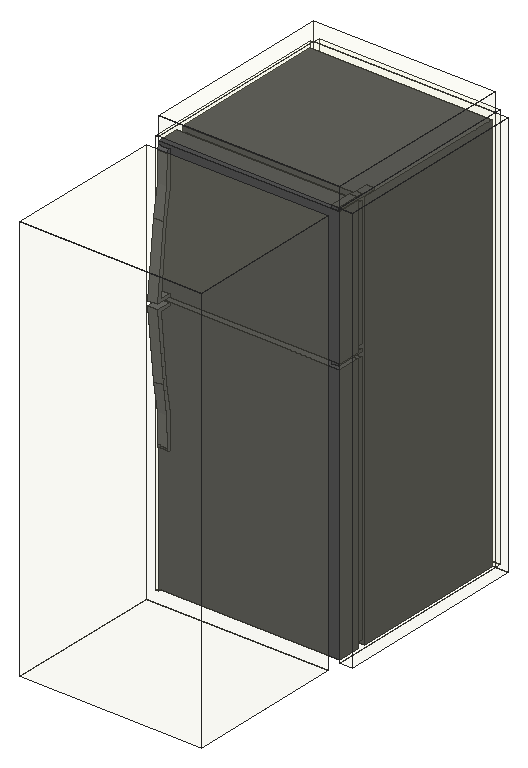
Revit family "WRT104TFDB_032c_Refrigeration_Top_Mount", category Specialty Equipment, Revit 2026
Family settings
  Round Connector Dimension = Use Diameter
  Part Type = Normal
  Work Plane-Based = No
  Enable Cutting in Views = No
  Always vertical = Yes
  Cut with Voids When Loaded = No
  Maintain Annotation Orientation = No
  Shared = No
  Room Calculation Point = No
Parameters (values of type "WRT104TFDB")
  Width = 28"
  Warranty Duration (Years) = "One year limited"
  Voltage = 120 V
  URL = "https://www.whirlpool.com/kitchen/refrigeration/refrigerators/top-freezer/p.28-inch-wide-top-freezer-refrigerator-14-cu.-ft.wrt104tfdw.html"
  Specification = ""
  SpecWizard = ""
  Show Clearance [instance] = yes
  Send Message = ""
  Sales Information = "https://www.whirlpool.com/kitchen/refrigeration/refrigerators/top-freezer/p.28-inch-wide-top-freezer-refrigerator-14-cu.-ft.wrt104tfdw.html"
  Product Data = "https://www.whirlpool.com/content/dam/global/documents/201411/owners-manual-eco-W10726498-RevA.pdf"
  Model = "WRT104TFDB"
  Manufacturer Website = ""
  Manufacturer Phone - Toll Free = ""
  Manufacturer Phone = ""
  Manufacturer Fax = ""
  Manufacturer Email = ""
  Manufacturer Address = ""
  Manufacturer = "Whirlpool"
  Maintenance Schedule (Months) = "NA"
  Leg Material = ARCAT - Plastic - Black
  Installation-Fabrication = "https://www.whirlpool.com/content/dam/global/documents/201411/installation-instructions-W10726500-RevA.pdf"
  Installation Phase = "NA"
  Height = 62 7/8"
  Handle Material = ARCAT - Metal - Steel - Grey
  HW size = 0"
  Family Name = "Top Mount Refrigerator"
  Expected Lifespan (Years) = "NA"
  Exhaust size = 0"
  Drawn By = ""
  Drain size = 0"
  Door Material = ARCAT - Metal - Steel - Black
  Description = "Whirlpool® 28-inch Wide Top Freezer Refrigerator - 14 cu. ft."
  Depth = 32 1/4"
  Default Elevation = 0"
  Copyright = ""
  Clearance Material = ARCAT - Clearance
  CW size = 0"
  Body Material = ARCAT - Metal - Steel - Black
  Apparent Load = 0 VA
  Amps = 15 A
  Accent Material = ARCAT - Metal - Steel - Stainless
Reference planes (in)
  plane 1 "Center (Front/Back)": y = 0
  plane 2: z = 0
  plane 3 "Center (Left/Right)": x = 0
  plane 4: z = 62.875
  plane 5: x = -14
  plane 6: x = 14
  plane 7: y = -1
  plane 8: y = -33.25
Forms (in)
  Extrusion 1, solid, material "ARCAT - Plastic - Black" <- "Leg Material"
    sketch origin (4.68238, -3.35142, 0.5) x (1, 0, 0) y (0, -1, 0)
      loop
        circle (-16.18238, 21.02358) r 0.75
    from 0 to 0.5
  Extrusion 2, solid, material "ARCAT - Plastic - Black" <- "Leg Material"
    sketch origin (-4.68238, -3.35142, 0.5) x (1, 0, 0) y (0, -1, 0)
      loop
        circle (16.18238, 21.02358) r 0.75
    from 0 to 0.5
  Extrusion 3, solid, material "ARCAT - Metal - Steel - Black" <- "Door Material"
    sketch origin (0, -4.625, 58.5) x (1, 0, 0) y (0, 1, 0)
      loop
        line (-14, -22.875) -> (-14, -26.375) -> (14, -26.375) -> (14, -22.875) -> (-14, -22.875)
    from -17.125 to 3.875
  Extrusion 4, solid, material "ARCAT - Metal - Steel - Black" <- "Door Material"
    sketch origin (0, -4.625, 35.5) x (1, 0, 0) y (0, 1, 0)
      loop
        line (-14, -22.875) -> (-14, -26.375) -> (14, -26.375) -> (14, -22.875) -> (-14, -22.875)
    from -35 to 5.125
  Extrusion 5, solid, material "ARCAT - Metal - Steel - Black" <- "Body Material"
    sketch origin (12.75, 3.875, 48) x (0, 1, 0) y (0, 0, 1)
      loop
        line (-34.875, 14.5) -> (-31.375, 14.5)
        arc (-31.375, 14.5) -> (-30.74688, 14.46867) -> (-30.125, 14.375) r 6.3125
        line (-30.125, 14.375) -> (-28.15485, 14.375) -> (-28.15485, 14.75) -> (-30.125, 14.75)
        arc (-30.125, 14.75) -> (-30.74688, 14.84367) -> (-31.375, 14.875) r 6.3125
        line (-31.375, 14.875) -> (-34.875, 14.875) -> (-34.875, 14.5)
    from 0 to 1
  Extrusion 6, solid, material "ARCAT - Metal - Steel - Black" <- "Body Material"
    sketch origin (0.5, -4.625, 62.375) x (1, 0, 0) y (0, 1, 0)
      loop
        circle (12.75, -25.4375) r 0.25
    from 0 to 0.125
  Extrusion 7, solid, material "ARCAT - Metal - Steel - Black" <- "Body Material"
    sketch origin (0.28125, -4.625, 41.1875) x (1, 0, 0) y (0, 1, 0)
      loop
        circle (12.75, -25.4375) r 0.25
    from 0 to 0.1875
  Extrusion 8, solid, material "ARCAT - Metal - Steel - Black" <- "Body Material"
    sketch origin (12.53125, 3.875, 26.3125) x (0, 1, 0) y (0, 0, 1)
      loop
        line (-34.55526, 14.5) -> (-30.125, 14.5) -> (-30.125, 14.875) -> (-34.55526, 14.875) -> (-34.55526, 14.5)
    from 0 to 1
  Extrusion 9, solid, material "ARCAT - Metal - Steel - Grey" <- "Handle Material"
    sketch origin (-13.8125, -1.625, 37.375) x (0, 0, 1) y (0, 1, 0)
      loop
        line (4, -29.375) -> (4, -31.625)
        arc (4, -31.625) -> (9.48685, -31.34976) -> (14.91654, -30.51328) r 53.5
        arc (14.91654, -30.51328) -> (19.42313, -29.86202) -> (23.97541, -29.76131) r 37.53027
        arc (23.97541, -29.76131) -> (24.30122, -29.65953) -> (24.48979, -29.375) r 0.5098
        line (24.48979, -29.375) -> (19.24883, -29.375)
        arc (19.24883, -29.375) -> (17.02242, -29.63398) -> (14.81514, -30.02367) r 38.03027
        arc (14.81514, -30.02367) -> (9.68454, -30.82645) -> (4.5, -31.12327) r 53
        line (4.5, -31.12327) -> (4.5, -29.375) -> (4, -29.375)
    from 0 to -1.5
  Extrusion 10, solid, material "ARCAT - Clearance" <- "Clearance Material", visible <- "Show Clearance", detail levels medium+fine
    sketch origin (0, 0, 0) x (1, 0, 0) y (0, 0, 1)
      loop
        line (14, 0) -> (14, 62.875) -> (-14, 62.875) -> (-14, 0) -> (14, 0)
    from 0 to 1
  Extrusion 11, solid, material "ARCAT - Clearance" <- "Clearance Material", visible <- "Show Clearance", detail levels medium+fine
    sketch origin (-14, 4.465, 48) x (0, 1, 0) y (0, 0, 1)
      loop
        line (-35.465, -48) -> (-5.465, -48) -> (-5.465, 14.875) -> (-35.465, 14.875) -> (-35.465, -48)
    from 0 to -0.5
  Extrusion 12, solid, material "ARCAT - Clearance" <- "Clearance Material", visible <- "Show Clearance", detail levels medium+fine
    sketch origin (14, 4.465, 48) x (0, 1, 0) y (0, 0, -1)
      loop
        line (-35.465, 48) -> (-35.465, -14.875) -> (-5.465, -14.875) -> (-5.465, 48) -> (-35.465, 48)
    from 0 to -2
  Extrusion 13, solid, material "ARCAT - Clearance" <- "Clearance Material", visible <- "Show Clearance", detail levels medium+fine
    sketch origin (33.41509, -180, 62.875) x (0, -1, 0) y (-1, 0, 0)
      loop
        line (-179, 47.41509) -> (-179, 19.41509) -> (-149, 19.41509) -> (-149, 47.41509) -> (-179, 47.41509)
    from 0 to -3
  Extrusion 14, solid, material "ARCAT - Clearance" <- "Clearance Material", visible <- "Show Clearance", detail levels medium+fine
    sketch origin (60, -56.75, 80) x (1, 0, 0) y (0, 0, 1)
      loop
        line (-46, -80) -> (-46, -17.125) -> (-74, -17.125) -> (-74, -80) -> (-46, -80)
    from 1 to -23.5
  Extrusion 15, solid, material "ARCAT - Metal - Steel - Black" <- "Door Material"
    sketch origin (0, -4.625, 58.5) x (1, 0, 0) y (0, 1, 0)
      loop
        line (13.5, -21.625) -> (-13.5, -21.625) -> (-13.5, -22.875) -> (13.5, -22.875) -> (13.5, -21.625)
    from -16.625 to 3.125
  Extrusion 16, solid, material "ARCAT - Metal - Steel - Black" <- "Door Material"
    sketch origin (0, -4.625, 35.5) x (1, 0, 0) y (0, 1, 0)
      loop
        line (13.5, -21.625) -> (-13.5, -21.625) -> (-13.5, -22.875) -> (13.5, -22.875) -> (13.5, -21.625)
    from -34.5 to 4.625
  Extrusion 17, solid, material "ARCAT - Metal - Steel - Black" <- "Body Material"
    sketch origin (0, -1.5625, 0) x (1, 0, 0) y (0, 1, 0)
      loop
        line (-14, -0.375) -> (-14, -24.6875) -> (14, -24.6875) -> (14, -0.375) -> (-14, -0.375)
    from 0.5 to 62.375
  Extrusion 18, solid, material "ARCAT - Plastic - Black" <- "Leg Material"
    sketch origin (4.68238, 16.33608, 0.5) x (1, 0, 0) y (0, -1, 0)
      loop
        circle (-16.18238, 21.14858) r 0.75
    from 0 to 0.5
  Extrusion 19, solid, material "ARCAT - Plastic - Black" <- "Leg Material"
    sketch origin (-4.68238, 16.33608, 0.5) x (1, 0, 0) y (0, -1, 0)
      loop
        circle (16.18238, 21.14858) r 0.75
    from 0 to 0.5
  Extrusion 20, solid, material "ARCAT - Metal - Steel - Black" <- "Body Material"
    sketch origin (-15.5, -2.0625, 0) x (1, 0, 0) y (0, 0, -1)
      loop
        line (28.5, -1.5) -> (2.5, -1.5) -> (2.5, -61.375) -> (28.5, -61.375) -> (28.5, -1.5)
      loop
        line (29.5, -0.5) -> (1.5, -0.5) -> (1.5, -62.375) -> (29.5, -62.375) -> (29.5, -0.5)
    from 0.125 to 0.25
  Revolve 21, solid, material "ARCAT - Metal - Steel - Stainless" <- "Accent Material"
    sketch origin (-6.53999, -7.3125, 80) x (-1, 0, 0) y (0, 0, 1)
      loop
        line (-6.53999, -73.32999) -> (-9.05948, -73.32999)
        arc (-9.05948, -73.32999) -> (-9.74752, -73.60432) -> (-10.05806, -74.2768) r 1
        arc (-10.05806, -74.2768) -> (-10.06858, -74.84011) -> (-10.04018, -75.4028) r 8.15531
        arc (-10.04018, -75.4028) -> (-10.07297, -75.37505) -> (-10.10249, -75.40625) r 0.03125
        line (-10.10249, -75.40625) -> (-10.10249, -76.21875)
        arc (-10.10249, -76.21875) -> (-10.0738, -76.2499) -> (-10.04041, -76.22385) r 0.03125
        arc (-10.04041, -76.22385) -> (-10.02367, -77.38241) -> (-9.71781, -78.5) r 4.59758
        line (-9.71781, -78.5) -> (-6.53999, -78.5) -> (-6.53999, -73.32999)
      axis (-6.53999, -78.5) -> (-6.53999, -73.32999)
    angle from 0 to 360
  Revolve 22, solid, material "ARCAT - Metal - Steel - Stainless" <- "Accent Material"
    sketch origin (-6.53999, -7.3125, 80) x (-1, 0, 0) y (0, 0, 1)
      loop
        line (-18.53999, -70.5) -> (-18.60249, -70.5) -> (-18.60249, -72) -> (-18.68582, -72)
        arc (-18.68582, -72) -> (-18.80367, -72.04882) -> (-18.85249, -72.16667) r 0.16667
        line (-18.85249, -72.16667) -> (-18.85249, -75.25)
        arc (-18.85249, -75.25) -> (-18.77927, -75.42678) -> (-18.60249, -75.5) r 0.25
        line (-18.60249, -75.5) -> (-18.53999, -75.5) -> (-18.53999, -70.5)
      axis (-18.53999, -70.5) -> (-18.53999, -75.5)
    angle from 0 to 360
  Sweep 23, solid, material "ARCAT - Metal - Steel - Stainless" <- "Accent Material"
    path origin (33.41509, -179.3125, 7.21875) x (0, -1, 0) y (1, 0, 0)
      loop
        arc (-176.5, -39.66509) -> (-176.28033, -40.19542) -> (-175.75, -40.41509) r 0.75
        line (-175.75, -40.41509) -> (-168.25, -40.41509)
        arc (-168.25, -40.41509) -> (-167.71967, -40.19542) -> (-167.5, -39.66509) r 0.75
        line (-167.5, -39.66509) -> (-167.5, -27.16509)
        arc (-167.5, -27.16509) -> (-167.71967, -26.63476) -> (-168.25, -26.41509) r 0.75
        line (-168.25, -26.41509) -> (-175.75, -26.41509)
        arc (-175.75, -26.41509) -> (-176.28033, -26.63476) -> (-176.5, -27.16509) r 0.75
        line (-176.5, -27.16509) -> (-176.5, -39.66509)
    profile origin (0, -2.8125, 7.21875) x (0, 1, 0) y (0, 0, 1)
      loop
        line (-0.05078, 0.09375) -> (-0.39844, 0.09375)
        arc (-0.39844, 0.09375) -> (-0.44263, 0.07544) -> (-0.46094, 0.03125) r 0.0625
        line (-0.46094, 0.03125) -> (-0.46094, -0.63281)
        arc (-0.46094, -0.63281) -> (-0.47924, -0.67701) -> (-0.52344, -0.69531) r 0.0625
        line (-0.52344, -0.69531) -> (-0.52344, -0.79687) -> (-0.42188, -0.79687)
        arc (-0.42188, -0.79687) -> (-0.37768, -0.77857) -> (-0.35937, -0.73437) r 0.0625
        line (-0.35937, -0.73437) -> (-0.35937, -0.07031)
        arc (-0.35937, -0.07031) -> (-0.34107, -0.02612) -> (-0.29687, -0.00781) r 0.0625
        line (-0.29687, -0.00781) -> (-0.05078, -0.00781)
        arc (-0.05078, -0.00781) -> (0, 0.04297) -> (-0.05078, 0.09375) r 0.05078
  Extrusion 24, solid, material "ARCAT - Metal - Steel - Stainless" <- "Accent Material"
    sketch origin (33.41509, -179.3125, 62.875) x (0, -1, 0) y (-1, 0, 0)
      loop
        arc (-175.75, 39.89165) -> (-175.9102, 39.82529) -> (-175.97656, 39.66509) r 0.22656
        line (-175.97656, 39.66509) -> (-175.97656, 27.16509)
        arc (-175.97656, 27.16509) -> (-175.9102, 27.00489) -> (-175.75, 26.93853) r 0.22656
        line (-175.75, 26.93853) -> (-168.25, 26.93853)
        arc (-168.25, 26.93853) -> (-168.0898, 27.00489) -> (-168.02344, 27.16509) r 0.22656
        line (-168.02344, 27.16509) -> (-168.02344, 39.66509)
        arc (-168.02344, 39.66509) -> (-168.0898, 39.82529) -> (-168.25, 39.89165) r 0.22656
        line (-168.25, 39.89165) -> (-175.75, 39.89165)
      loop
        circle (-172, 33.41509) r 3.17783
    from 56.45312 to 56.35156
  Sweep 25, solid, material "ARCAT - Metal - Steel - Stainless" <- "Accent Material"
    path origin (-6.53999, -7.3125, 80) x (-1, 0, 0) y (0, 0, 1)
      loop
        line (-17.03999, -70.5) -> (-17.03999, -77)
        arc (-17.03999, -77) -> (-16.37286, -77.84995) -> (-15.38876, -77.40385) r 0.875
        arc (-15.38876, -77.40385) -> (-15.11257, -77.10886) -> (-14.72342, -77) r 0.75
        line (-14.72342, -77) -> (-9.53999, -77)
    profile origin (10.5, -7.3125, 6.25) x (0, 1, 0) y (-1, 0, 0)
      loop
        circle (0, 0) r 0.125
  Extrusion 26, solid
    sketch origin (14, -1.3125, 9.5) x (0, 1, 0) y (1, 0, 0)
      loop
        circle (-6, -3.5) r 0.5
    from 0 to 0.19922
  Sweep 27, solid, material "ARCAT - Metal - Steel - Stainless" <- "Accent Material"
    path origin (-14.81742, -1.0625, 80) x (-1, 0, 0) y (0, 0, 1)
      loop
        line (-9.04256, -72.06499) -> (-9.04256, -74.31499)
        arc (-9.04256, -74.31499) -> (-8.70518, -75.06395) -> (-7.92069, -75.30754) r 1
        line (-7.92069, -75.30754) -> (-3.69555, -74.78875)
        arc (-3.69555, -74.78875) -> (-3.06846, -74.45883) -> (-2.81742, -73.79621) r 1
        line (-2.81742, -73.79621) -> (-2.81742, -23.5)
        arc (-2.81742, -23.5) -> (-3.11031, -22.79289) -> (-3.81742, -22.5) r 1
        line (-3.81742, -22.5) -> (-25.81742, -22.5)
        arc (-25.81742, -22.5) -> (-26.81742, -23.5) -> (-25.81742, -24.5) r 1
        line (-25.81742, -24.5) -> (-5.56742, -24.5)
        arc (-5.56742, -24.5) -> (-4.56742, -25.5) -> (-5.56742, -26.5) r 1
        line (-5.56742, -26.5) -> (-25.81742, -26.5)
        arc (-25.81742, -26.5) -> (-26.81742, -27.5) -> (-25.81742, -28.5) r 1
        line (-25.81742, -28.5) -> (-5.56742, -28.5)
        arc (-5.56742, -28.5) -> (-4.56742, -29.5) -> (-5.56742, -30.5) r 1
        line (-5.56742, -30.5) -> (-25.81742, -30.5)
        arc (-25.81742, -30.5) -> (-26.81742, -31.5) -> (-25.81742, -32.5) r 1
        line (-25.81742, -32.5) -> (-5.56742, -32.5)
        arc (-5.56742, -32.5) -> (-4.56742, -33.5) -> (-5.56742, -34.5) r 1
        line (-5.56742, -34.5) -> (-25.81742, -34.5)
        arc (-25.81742, -34.5) -> (-26.81742, -35.5) -> (-25.81742, -36.5) r 1
        line (-25.81742, -36.5) -> (-5.56742, -36.5)
        arc (-5.56742, -36.5) -> (-4.56742, -37.5) -> (-5.56742, -38.5) r 1
        line (-5.56742, -38.5) -> (-25.81742, -38.5)
        arc (-25.81742, -38.5) -> (-26.81742, -39.5) -> (-25.81742, -40.5) r 1
        line (-25.81742, -40.5) -> (-5.56742, -40.5)
        arc (-5.56742, -40.5) -> (-4.56742, -41.5) -> (-5.56742, -42.5) r 1
        line (-5.56742, -42.5) -> (-25.81742, -42.5)
        arc (-25.81742, -42.5) -> (-26.81742, -43.5) -> (-25.81742, -44.5) r 1
        line (-25.81742, -44.5) -> (-5.56742, -44.5)
        arc (-5.56742, -44.5) -> (-4.56742, -45.5) -> (-5.56742, -46.5) r 1
        line (-5.56742, -46.5) -> (-25.81742, -46.5)
        arc (-25.81742, -46.5) -> (-26.81742, -47.5) -> (-25.81742, -48.5) r 1
        line (-25.81742, -48.5) -> (-5.56742, -48.5)
        arc (-5.56742, -48.5) -> (-4.56742, -49.5) -> (-5.56742, -50.5) r 1
        line (-5.56742, -50.5) -> (-25.81742, -50.5)
        arc (-25.81742, -50.5) -> (-26.81742, -51.5) -> (-25.81742, -52.5) r 1
        line (-25.81742, -52.5) -> (-5.56742, -52.5)
        arc (-5.56742, -52.5) -> (-4.56742, -53.5) -> (-5.56742, -54.5) r 1
        line (-5.56742, -54.5) -> (-25.81742, -54.5)
        arc (-25.81742, -54.5) -> (-26.81742, -55.5) -> (-25.81742, -56.5) r 1
        line (-25.81742, -56.5) -> (-5.56742, -56.5)
        arc (-5.56742, -56.5) -> (-4.56742, -57.5) -> (-5.56742, -58.5) r 1
        line (-5.56742, -58.5) -> (-25.81742, -58.5)
        arc (-25.81742, -58.5) -> (-26.81742, -59.5) -> (-25.81742, -60.5) r 1
        line (-25.81742, -60.5) -> (-5.56742, -60.5)
        arc (-5.56742, -60.5) -> (-4.56742, -61.5) -> (-5.56742, -62.5) r 1
        line (-5.56742, -62.5) -> (-25.81742, -62.5)
        arc (-25.81742, -62.5) -> (-26.81742, -63.5) -> (-25.81742, -64.5) r 1
        line (-25.81742, -64.5) -> (-5.56742, -64.5)
        arc (-5.56742, -64.5) -> (-4.56742, -65.5) -> (-5.56742, -66.5) r 1
        line (-5.56742, -66.5) -> (-25.81742, -66.5)
        arc (-25.81742, -66.5) -> (-26.81742, -67.5) -> (-25.81742, -68.5) r 1
        line (-25.81742, -68.5) -> (-5.56742, -68.5)
        arc (-5.56742, -68.5) -> (-4.86031, -68.79289) -> (-4.56742, -69.5) r 1
        line (-4.56742, -69.5) -> (-4.56742, -72.26594)
        arc (-4.56742, -72.26594) -> (-5.56742, -73.26594) -> (-6.56742, -72.26594) r 1
        line (-6.56742, -72.26594) -> (-6.56742, -71.01594)
    profile origin (0.875, -1.0625, 11.5) x (0, 0, 1) y (0, 1, 0)
      loop
        circle (0, 0) r 0.0625
  Revolve 28, solid, material "ARCAT - Metal - Steel - Stainless" <- "Accent Material"
    sketch origin (-6.53999, -7.3125, 80) x (-1, 0, 0) y (0, 0, 1)
      loop
        line (-0.78999, -70.5) -> (-0.97749, -70.5) -> (-0.97749, -71.80834) -> (-1.00986, -71.80834)
        arc (-1.00986, -71.80834) -> (-1.05406, -71.82664) -> (-1.07236, -71.87084) r 0.0625
        line (-1.07236, -71.87084) -> (-1.07236, -73.5) -> (-0.78999, -73.5) -> (-0.78999, -70.5)
      axis (-0.78999, -70.5) -> (-0.78999, -73.5)
    angle from 0 to 360
  Sweep 29, solid, material "ARCAT - Metal - Steel - Stainless" <- "Accent Material"
    path origin (-5.77486, 5.1525, 48) x (0, 1, 0) y (0, 0, 1)
      loop
        line (-6.215, -40.06499) -> (-6.215, -39.82851)
        arc (-6.215, -39.82851) -> (-6.25162, -39.74012) -> (-6.34, -39.70351) r 0.125
        line (-6.34, -39.70351) -> (-12.28659, -39.70351)
    profile origin (-5.77486, -1.0625, 8.05325) x (0, -1, 0) y (1, 0, 0)
      loop
        circle (0, 0) r 0.07143
  Extrusion 30, void
    sketch origin (-14.875, -1.3125, 0) x (1, 0, 0) y (0, 0, -1)
      loop
        line (27.875, -9.5) -> (27.875, -1.5) -> (1.875, -1.5) -> (1.875, -9.5) -> (27.875, -9.5)
    from -0.5 to -12.125
  Extrusion 31, solid, material "ARCAT - Metal - Steel - Grey" <- "Handle Material"
    sketch origin (-13.8125, -1.625, 44.625) x (0, 0, -1) y (0, -1, 0)
      loop
        line (4, 29.375) -> (4.5, 29.375) -> (4.5, 31.12327)
        arc (4.5, 31.12327) -> (9.68454, 30.82645) -> (14.81514, 30.02367) r 53
        arc (14.81514, 30.02367) -> (17.02242, 29.63398) -> (19.24883, 29.375) r 38.03027
        line (19.24883, 29.375) -> (24.48979, 29.375)
        arc (24.48979, 29.375) -> (24.30122, 29.65953) -> (23.97541, 29.76131) r 0.5098
        arc (23.97541, 29.76131) -> (19.42313, 29.86202) -> (14.91654, 30.51328) r 37.53027
        arc (14.91654, 30.51328) -> (9.48685, 31.34976) -> (4, 31.625) r 53.5
        line (4, 31.625) -> (4, 29.375)
    from 0 to -1.5
  Extrusion 32, solid, material "ARCAT - Metal - Steel - Black" <- "Body Material"
    sketch origin (0.28125, -4.625, 40.625) x (1, 0, 0) y (0, 1, 0)
      loop
        circle (12.75, -25.4375) r 0.25
    from 0 to 0.1875
  Extrusion 33, solid, material "ARCAT - Metal - Steel - Black" <- "Body Material"
    sketch origin (-15.5, -1.8125, 0) x (1, 0, 0) y (0, 0, -1)
      loop
        circle (15.5, -1) r 0.5
    from 0 to 0.03125
Cuts and joins
  Extrusion 30 cuts Extrusion 17
  joined: Extrusion 17, Extrusion 20
  joined: Sweep 27, Sweep 29
Lines and regions (in)
  symbolic lines, style "SpecialityEquipment"
    curve 1: line (-14, -1, 62.875) -> (14, -1, 62.875)
    curve 2: line (-14, -31, 62.875) -> (-14, -1, 62.875)
    curve 3: line (14, -31, 62.875) -> (-14, -31, 62.875)
    curve 4: line (14, -1, 62.875) -> (14, -31, 62.875)
    curve 5: line (-12.3125, -33.25, 62.875) -> (-13.8125, -33.25, 62.875)
    curve 6: line (-12.3125, -31, 62.875) -> (-12.3125, -33.25, 62.875)
    curve 7: line (-13.8125, -33.25, 62.875) -> (-13.8125, -31, 62.875)
  model lines
    curve 8: circle (-7.54297, -1.9375, 56.9402) r 0.5 normal (0, 1, 0)
    curve 9: circle (-7.16797, -1.9375, 12.9402) r 0.5 normal (0, 1, 0)
Dimensions and locks (in)
  "Height": plane 4 to plane 2
  equal spacing: plane 5, plane 3 "Center (Left/Right)", plane 6
  "Width": plane 5 to plane 6
  "Depth": plane 8 to plane 7
  aligned and locked: plane 2 to level
Automatic sketch dimensions
  plane 5 to Extrusion 1 sketch curve = 2 1/2"
  plane 6 to Extrusion 2 sketch curve = 2 1/2"
  Extrusion 3 sketch curve to plane 5 = 0"
  Extrusion 3 sketch curve to plane 6 = 0"
  Extrusion 4 sketch curve to plane 5 = 0"
  Extrusion 4 sketch curve to plane 6 = 0"
  plane 4 to Extrusion 5 sketch curve = 0"
  Extrusion 5 sketch curve to Extrusion 5 sketch curve = 1.97015"
  Extrusion 5 sketch curve to Extrusion 5 sketch curve = 1/8"
  plane 4 to Extrusion 5 sketch curve = 3/8"
  Extrusion 5 sketch curve to Extrusion 5 sketch curve = 3/8"
  plane 6 to Extrusion 6 sketch curve = 3/4"
  plane 6 to Extrusion 7 sketch curve = 31/32"
  plane 4 to Extrusion 8 sketch curve = 22 1/16"
  Extrusion 8 sketch curve to Extrusion 8 sketch curve = 3/8"
  Extrusion 9 sketch curve to Extrusion 9 sketch curve = 0"  (x5)
  Extrusion 9 sketch curve to plane 8 = 0"
  plane 4 to Extrusion 9 sketch curve = 21 1/2"
  plane 4 to Extrusion 9 sketch curve = 21.43346"
  Extrusion 9 sketch curve to Extrusion 9 sketch curve = 1/2"
  plane 4 to Extrusion 9 sketch curve = 6.25117"
  plane 4 to Extrusion 9 sketch curve = 2.97218"
  plane 4 to Extrusion 9 sketch curve = 1.50492"
  Extrusion 9 sketch curve to Extrusion 9 sketch curve = 0.49471"
  plane 8 to Extrusion 9 sketch curve = 35.63865"
  Extrusion 9 sketch curve to plane 8 = 0.50173"
  Extrusion 9 sketch curve to plane 1 "Center (Front/Back)" = 20.24996"
  Extrusion 10 sketch curve to level = 0"
  Extrusion 10 sketch curve to plane 5 = 0"
  plane 6 to Extrusion 10 sketch curve = 0"
  Extrusion 10 sketch curve to plane 4 = 0"
  plane 4 to Extrusion 11 sketch curve = 0"
  Extrusion 11 sketch curve to plane 8 = 2 1/4"
  Extrusion 11 sketch curve to plane 7 = 0"
  Extrusion 11 sketch curve to level = 0"
  plane 4 to Extrusion 12 sketch curve = 0"
  Extrusion 12 sketch curve to plane 8 = 2 1/4"
  Extrusion 12 sketch curve to plane 7 = 0"
  Extrusion 12 sketch curve to level = 0"
  Extrusion 13 sketch curve to plane 5 = 0"
  plane 7 to Extrusion 13 sketch curve = 0"
  Extrusion 13 sketch curve to plane 8 = 2 1/4"
  Extrusion 13 sketch curve to plane 6 = 0"
  Extrusion 14 sketch curve to plane 4 = 0"
  Extrusion 14 sketch curve to plane 5 = 0"
  plane 6 to Extrusion 14 sketch curve = 0"
  Extrusion 14 sketch curve to level = 0"
  plane 5 to Extrusion 15 sketch curve = 1/2"
  plane 6 to Extrusion 15 sketch curve = 1/2"
  plane 5 to Extrusion 16 sketch curve = 1/2"
  plane 6 to Extrusion 16 sketch curve = 1/2"
  Extrusion 17 sketch curve to plane 5 = 0"
  Extrusion 17 sketch curve to plane 6 = 0"
  plane 7 to Extrusion 17 sketch curve = 15/16"
  plane 5 to Extrusion 18 sketch curve = 2 1/2"
  plane 7 to Extrusion 18 sketch curve = 3 13/16"
  plane 6 to Extrusion 19 sketch curve = 2 1/2"
  plane 7 to Extrusion 19 sketch curve = 3 13/16"
  Extrusion 20 sketch curve to plane 5 = 0"
  plane 6 to Extrusion 20 sketch curve = 0"
  plane 5 to Extrusion 20 sketch curve = 1"
  plane 6 to Extrusion 20 sketch curve = 1"
  plane 4 to Extrusion 20 sketch curve = 1/2"
  Extrusion 20 sketch curve to Extrusion 20 sketch curve = 1"
  level to Extrusion 20 sketch curve = 1 1/2"
  level to Extrusion 20 sketch curve = 1/2"
  Revolve 21 sketch curve to plane 3 "Center (Left/Right)" = 0"  (x2)
  plane 3 "Center (Left/Right)" to Revolve 21 sketch curve = 2.51949"
  level to Revolve 21 sketch curve = 1 1/2"
  Revolve 21 sketch curve to Revolve 21 sketch curve = 3.17783"
  Revolve 21 sketch curve to Revolve 21 sketch curve = 1.01176"
  Revolve 21 sketch curve to Revolve 21 sketch curve = 0"  (x2)
  Revolve 21 sketch curve to Revolve 21 sketch curve = 1/32"
  Revolve 21 sketch curve to plane 3 "Center (Left/Right)" = 1.0684"
  Revolve 21 sketch curve to Revolve 21 sketch curve = 3.55729"
  Revolve 21 sketch curve to Revolve 21 sketch curve = 1.76274"
  Revolve 21 sketch curve to Revolve 21 sketch curve = 2 9/32"
  Revolve 21 sketch curve to Revolve 21 sketch curve = 13/16"
  Revolve 21 sketch curve to Revolve 21 sketch curve = 2.02666"
  Revolve 21 sketch curve to Revolve 21 sketch curve = 1.07626"
  Revolve 21 sketch curve to Revolve 21 sketch curve = 1"
  Revolve 21 sketch curve to Revolve 21 sketch curve = 0.03106"
  Revolve 21 sketch curve to Revolve 21 sketch curve = 0.07999"
  plane 6 to Revolve 22 sketch curve = 1 11/16"
  Revolve 22 sketch curve to Revolve 22 sketch curve = 0.16667"
  Revolve 22 sketch curve to Revolve 22 sketch curve = 0.08333"
  Revolve 22 sketch curve to Revolve 22 sketch curve = 1/4"
  Revolve 22 sketch curve to Revolve 22 sketch curve = 1/16"
  level to Revolve 22 sketch curve = 4 1/2"
  Revolve 22 sketch curve to Revolve 22 sketch curve = 3.08333"
  Revolve 22 sketch curve to Revolve 22 sketch curve = 1 1/2"
  Revolve 22 sketch curve to Revolve 22 sketch curve = 0"  (x3)
  plane 7 to Sweep 23 sketch curve = 1 13/16"
  Sweep 23 sketch curve to Sweep 23 sketch curve = 3/4"  (x3)
  Sweep 23 sketch curve to Sweep 23 sketch curve = 7 1/2"  (x2)
  Sweep 23 sketch curve to plane 3 "Center (Left/Right)" = 7"
  plane 3 "Center (Left/Right)" to Sweep 23 sketch curve = 6 1/4"
  profile plane to Sweep 23 sketch curve = 67/128"
  Sweep 23 sketch curve to Sweep 23 sketch curve = 1/16"  (x3)
  Sweep 23 sketch curve to Sweep 23 sketch curve = 13/128"  (x2)
  Sweep 23 sketch curve to profile plane = 9/128"
  Sweep 23 sketch curve to Sweep 23 sketch curve = 5/128"
  profile plane to Sweep 23 sketch curve = 13/256"
  Sweep 23 sketch curve to Sweep 23 sketch curve = 9/16"
  profile plane to Sweep 23 sketch curve = 1/32"
  Extrusion 24 sketch curve to Extrusion 24 sketch curve = 0"  (x2)
  Extrusion 24 sketch curve to plane 3 "Center (Left/Right)" = 0"
  plane 7 to Extrusion 24 sketch curve = 2 43/128"
  Extrusion 24 sketch curve to Extrusion 24 sketch curve = 29/128"  (x3)
  plane 7 to Extrusion 24 sketch curve = 6 5/16"
  Extrusion 24 sketch curve to Extrusion 24 sketch curve = 3 3/4"  (x2)
  Extrusion 24 sketch curve to plane 3 "Center (Left/Right)" = 6 1/4"
  plane 3 "Center (Left/Right)" to Extrusion 24 sketch curve = 6 1/4"
  Extrusion 24 sketch curve to Extrusion 24 sketch curve = 3.17783"
  plane 6 to Sweep 25 sketch curve = 3 1/2"
  Sweep 25 sketch curve to Sweep 25 sketch curve = 7/8"
  Sweep 25 sketch curve to Sweep 25 sketch curve = 1.44157"
  level to Sweep 25 sketch curve = 2 1/4"
  Sweep 25 sketch curve to Sweep 25 sketch curve = 3/4"  (x2)
  plane 3 "Center (Left/Right)" to Sweep 25 sketch curve = 3"
  Sweep 25 sketch curve to Sweep 25 sketch curve = 6 1/2"
  Sweep 25 sketch curve to profile plane = 0"  (x2)
  plane 7 to Extrusion 26 sketch curve = 6 5/16"
  plane 6 to Extrusion 26 sketch curve = 3 1/2"
  plane 6 to Sweep 27 sketch curve = 3"
  Sweep 27 sketch curve to Sweep 27 sketch curve = 0"  (x21)
  Sweep 27 sketch curve to plane 3 "Center (Left/Right)" = 5.77486"
  Sweep 27 sketch curve to Sweep 27 sketch curve = 1"  (x26)
  Sweep 27 sketch curve to Sweep 27 sketch curve = 0.12187"  (x2)
  Sweep 27 sketch curve to Sweep 27 sketch curve = 2.47514"
  plane 5 to Sweep 27 sketch curve = 4 3/4"  (x2)
  Sweep 27 sketch curve to Sweep 27 sketch curve = 3/4"
  Sweep 27 sketch curve to Sweep 27 sketch curve = 1 3/4"
  level to Sweep 27 sketch curve = 4.69246"
  Sweep 27 sketch curve to Sweep 27 sketch curve = 0.51878"
  Sweep 27 sketch curve to Sweep 27 sketch curve = 1.53027"
  Sweep 27 sketch curve to Sweep 27 sketch curve = 2.76594"
  Sweep 27 sketch curve to Sweep 27 sketch curve = 2 1/4"
  Sweep 27 sketch curve to Sweep 27 sketch curve = 1 1/4"
  profile plane to Sweep 27 sketch curve = 0"
  Sweep 27 sketch curve to profile plane = 0"
  Revolve 28 sketch curve to plane 3 "Center (Left/Right)" = 5.46763"
  Revolve 28 sketch curve to Revolve 28 sketch curve = 1/16"
  Revolve 28 sketch curve to Revolve 28 sketch curve = 0.03237"
  Revolve 28 sketch curve to Revolve 28 sketch curve = 0.28237"
  level to Revolve 28 sketch curve = 6 1/2"
  Revolve 28 sketch curve to Revolve 28 sketch curve = 1.62916"
  Revolve 28 sketch curve to Revolve 28 sketch curve = 1.30834"
  Revolve 28 sketch curve to Revolve 28 sketch curve = 0"  (x3)
  plane 7 to Sweep 29 sketch curve = 3/16"
  plane 7 to Sweep 29 sketch curve = 1/16"
  level to Sweep 29 sketch curve = 8.17149"
  Sweep 29 sketch curve to Sweep 29 sketch curve = 5.94658"
  Sweep 29 sketch curve to Sweep 29 sketch curve = 0.23648"
  Sweep 29 sketch curve to Sweep 29 sketch curve = 0"  (x2)
  Sweep 29 sketch curve to profile plane = 0"  (x2)
  Sweep 29 sketch curve to profile plane = 0.07143"
  plane 5 to Extrusion 30 sketch curve = 1"
  plane 6 to Extrusion 30 sketch curve = 1"
  level to Extrusion 30 sketch curve = 9 1/2"
  level to Extrusion 30 sketch curve = 1 1/2"
  Extrusion 31 sketch curve to Extrusion 31 sketch curve = 0"  (x5)
  Extrusion 31 sketch curve to plane 8 = 0"
  plane 4 to Extrusion 31 sketch curve = 22 1/4"
  plane 4 to Extrusion 31 sketch curve = 22.31654"
  Extrusion 31 sketch curve to Extrusion 31 sketch curve = 1/2"
  Extrusion 31 sketch curve to Extrusion 31 sketch curve = 14.74883"
  level to Extrusion 31 sketch curve = 22.09718"
  Extrusion 31 sketch curve to Extrusion 31 sketch curve = 4.74625"
  Extrusion 31 sketch curve to Extrusion 31 sketch curve = 0.49471"
  Extrusion 31 sketch curve to plane 1 "Center (Front/Back)" = 20.24996"
  Extrusion 31 sketch curve to plane 8 = 0.50173"
  plane 8 to Extrusion 31 sketch curve = 35.63865"
  plane 6 to Extrusion 32 sketch curve = 31/32"
  Extrusion 1 sketch curve to plane 8 = 8 7/8"
  Extrusion 2 sketch curve to plane 8 = 8 7/8"
  Extrusion 3 sketch curve to plane 8 = 2 1/4"
  Extrusion 3 sketch curve to Extrusion 3 sketch curve = 3 1/2"
  Extrusion 4 sketch curve to plane 8 = 2 1/4"
  Extrusion 4 sketch curve to Extrusion 4 sketch curve = 3 1/2"
  Extrusion 5 sketch curve to plane 8 = 2 1/4"
  Extrusion 5 sketch curve to Extrusion 5 sketch curve = 3 1/2"
  Extrusion 5 sketch curve to Extrusion 5 sketch curve = 0"  (x2)
  Extrusion 5 sketch curve to Extrusion 5 sketch curve = 1 1/4"
  Extrusion 6 sketch curve to plane 8 = 3 3/16"
  Extrusion 7 sketch curve to plane 8 = 3 3/16"
  Extrusion 8 sketch curve to plane 8 = 2.56974"
  Extrusion 8 sketch curve to Extrusion 8 sketch curve = 4.43026"
  Extrusion 9 sketch curve to Extrusion 9 sketch curve = 1.74827"
  Extrusion 9 sketch curve to plane 8 = 2 1/4"
  Extrusion 9 sketch curve to Extrusion 9 sketch curve = 0.12311"
  Extrusion 15 sketch curve to plane 8 = 5 3/4"
  Extrusion 15 sketch curve to Extrusion 15 sketch curve = 1 1/4"
  Extrusion 16 sketch curve to plane 8 = 5 3/4"
  Extrusion 16 sketch curve to Extrusion 16 sketch curve = 1 1/4"
  Extrusion 17 sketch curve to plane 8 = 7"
  Extrusion 31 sketch curve to plane 8 = 2.37311"
  Extrusion 31 sketch curve to Extrusion 31 sketch curve = 0.12311"
  Extrusion 31 sketch curve to Extrusion 31 sketch curve = 1.74827"
  Extrusion 32 sketch curve to plane 8 = 3 3/16"
  curve 1 to plane 6 = 0"
  plane 7 to curve 1 = 0"
  curve 3 to plane 5 = 0"
  plane 8 to curve 6 = 0"
  curve 3 to plane 8 = 2 1/4"
  plane 5 to curve 5 = 3/16"
  curve 5 to curve 5 = 1 1/2"
  curve 9 to Extrusion 17 = 6 213/256"
  curve 8 to Extrusion 17 = 6 117/256"
  Extrusion 17 to curve 8 = 5.4348"
  Extrusion 17 to curve 9 = 12.4402"
  Extrusion 20 to Extrusion 33 sketch curve = 13"
  Extrusion 33 sketch curve to Extrusion 20 = 1/2"
  radius of Extrusion 1 sketch curve = 3/4"
  radius of Extrusion 2 sketch curve = 3/4"
  radius of Extrusion 6 sketch curve = 1/4"
  radius of Extrusion 7 sketch curve = 1/4"
  radius of Extrusion 18 sketch curve = 3/4"
  radius of Extrusion 19 sketch curve = 3/4"
  radius of Sweep 25 sketch curve = 1/8"
  radius of Extrusion 26 sketch curve = 1/2"
  radius of Sweep 27 sketch curve = 1/16"
  radius of Extrusion 32 sketch curve = 1/4"
  radius of curve 8 = 1/2"
  radius of curve 9 = 1/2"
  radius of Extrusion 33 sketch curve = 1/2"
Connectors (in)
  electrical at (0, -1.78125, 1), driven by "Voltage", driven by "Apparent Load"
    settings: on Extrusion 33, index 1, voltage 120 V, apparent load 0 VA, apparent load phase1 0 VA, apparent load phase2 0 VA, apparent load phase3 0 VA, power factor 1, load classification "Other", number of poles 1, system type 30, power factor state 1, is connector primary yes, connector utility no, sub classification motor no, connector description "Electrical Connection"
